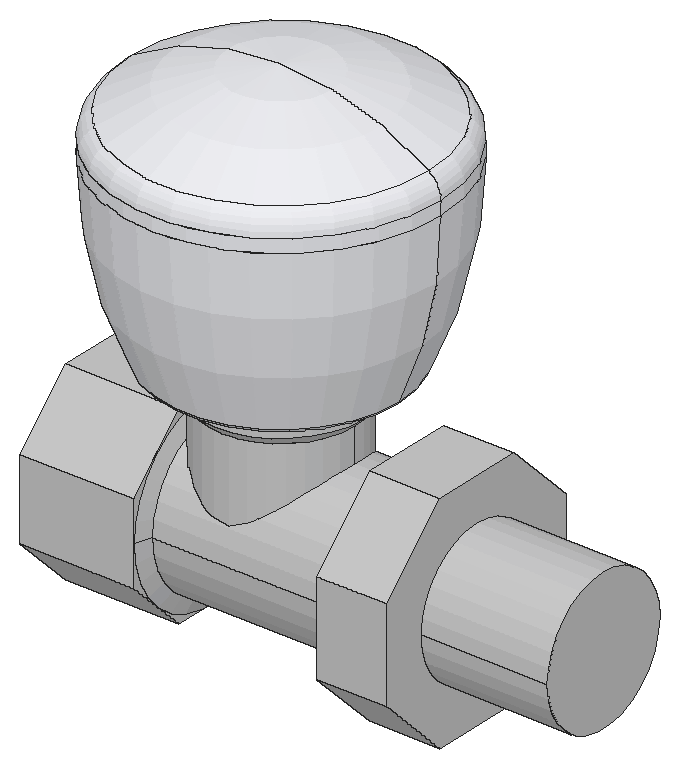
Revit family "PA_Арматура трубопроводов [клапан регулирующий прямой, VT.008.N]1 - VALTEC", category Арматура трубопроводов, Revit 2018
Family settings
  Размер круглого соединителя = Использовать диаметр
  Тип детали = Вставляется
  На основе рабочей плоскости = Нет
  Всегда вертикально = Да
  При загрузке вырезать с полостями = Нет
  Общий = Нет
Parameters (values of type "VT.008.N")
  Таблица 2 = "PA_Арматура трубопроводов [клапан регулирующий прямой, VT.008.N] - VALTEC - Таблица 2"  # constant formula
  Таблица 1 = "PA_Арматура трубопроводов [клапан регулирующий прямой, VT.008.N] - VALTEC - Таблица 1"  # constant formula
  Материал доп.1 = Пластик белый - VALTEC
  Изготовитель = "VALTEC"  # constant formula
  d7 [instance] = size_lookup(Таблица 1, "d7", 0 mm, d)  # 25 mm
  d6 [instance] = size_lookup(Таблица 1, "d6", 0 mm, d)  # 22 mm
  b3 [instance] = size_lookup(Таблица 1, "b3", 0 mm, d)  # 3.6 mm
  a6 [instance] = size_lookup(Таблица 1, "a6", 0 mm, d)  # 9.9 mm
  a5 [instance] = size_lookup(Таблица 1, "a5", 0 mm, d)  # 9.1 mm
  a4 [instance] = size_lookup(Таблица 1, "a4", 0 mm, d)  # 10.5 mm
  D [instance] = size_lookup(Таблица 1, "D", 0 mm, d)  # 14.4 mm
  C [instance] = size_lookup(Таблица 1, "C", 0 mm, d)  # 27.5 mm
  B [instance] = size_lookup(Таблица 1, "B", 0 mm, d)  # 60.1 mm
  b2 [instance] = size_lookup(Таблица 1, "b2", 0 mm, d)  # 1.5 mm
  d5 [instance] = size_lookup(Таблица 1, "d5", 0 mm, d)  # 21 mm
  d4 [instance] = size_lookup(Таблица 1, "d4", 0 mm, d)  # 33.5 mm
  d3 [instance] = size_lookup(Таблица 1, "d3", 0 mm, d)  # 26.4 mm
  d2 [instance] = size_lookup(Таблица 1, "d2", 0 mm, d)  # 24 mm
  d1 [instance] = size_lookup(Таблица 1, "d1", 0 mm, d)  # 28.9 mm
  d [instance] = 15 mm
  b1 [instance] = size_lookup(Таблица 1, "b1", 0 mm, d)  # 17 mm
  a3 [instance] = size_lookup(Таблица 1, "a3", 0 mm, d)  # 2.5 mm
  a2 [instance] = size_lookup(Таблица 1, "a2", 0 mm, d)  # 0.8 mm
  a1 [instance] = size_lookup(Таблица 1, "a1", 0 mm, d)  # 17 mm
  URL = "https://valtec.ru/"
  ADSK_Расход жидкости [instance] = 0.0 L/s
  ADSK_Примечание [instance] = ""
  ADSK_Потеря давления жидкости [instance] = 0.0 Pa
  ADSK_Позиция [instance] = ""
  ADSK_Обозначение [instance] = "VT.008.N"  # constant formula
  ADSK_Наименование [instance] = size_lookup(Таблица 1, "", "Данный типоразмер отсутствует", d)  # "Клапан регулирующий прямой, 1/2\""
  ADSK_Материал = Сталь, нержавеющая - VALTEC
  ADSK_Масса [instance] = if(d = 15 mm, 0.271, if(d = 20 mm, 0.458, 0))  # 0.271
  ADSK_Марка [instance] = size_lookup(Таблица 2, "", "Данный типоразмер отсутствует", d)  # "VT.008.N.04"
  ADSK_Код изделия [instance] = size_lookup(Таблица 2, "", "Данный типоразмер отсутствует", d)  # "VT.008.N.04"
  ADSK_Завод-изготовитель [instance] = Изготовитель  # "VALTEC"
  ADSK_Единица измерения [instance] = "шт."  # constant formula
  ADSK_URL страницы изделия = "https://valtec.ru/catalog/radiatornaya_armatura/ruchnye_klapany_dlya_radiatorov/klapan_reguliruyushij_pryamoj_vt008n.html"
  ADSK_URL документации изделия = "https://valtec.ru/document/technical/VT.007-008-011-0417.pdf"
  A [instance] = size_lookup(Таблица 1, "A", 0 mm, d)  # 48.3 mm
Reference planes
  plane 1 "По центру (Вперед/Назад)": y = 0
  plane 2: z = 0
  plane 3 "По центру (Влево/Вправо)": x = 0
  plane 4: z = -14.4
  plane 5: z = 60.1
  plane 6: x = 48.3
  plane 7: z = 17
  plane 8: z = 18.5
  plane 9: z = 22.1
  plane 10: x = -27.5
  plane 11: x = -10.5
  plane 12: x = -9.7
  plane 13: x = 29.3
  plane 14: x = 38.4
  plane 15: x = 18.8
  plane 16: x = 16.3
Forms (mm)
  Blend 1, solid, material "Сталь, нержавеющая - VALTEC" <- "ADSK_Материал", detail levels medium+fine
    base sketch origin (0, 0, 0) x (0, 1, 0) y (0, 0, 1)
      loop
        circle (0, 0) r 14.45
    top sketch origin (0, 0, 0) x (0, 1, 0) y (0, 0, 1)
      loop
        circle (0, 0) r 12
    from -10.5 to -9.7
  Extrusion 2, solid, material "Сталь, нержавеющая - VALTEC" <- "ADSK_Материал", detail levels medium+fine
    sketch origin (0, 0, 0) x (0, 1, 0) y (0, 0, 1)
      loop
        circle (0, 0) r 12
    from 16.3 to -9.7
  Blend 3, solid, material "Сталь, нержавеющая - VALTEC" <- "ADSK_Материал", detail levels medium+fine
    base sketch origin (0, 0, 0) x (0, 1, 0) y (0, 0, 1)
      loop
        circle (0, 0) r 12
    top sketch origin (0, 0, 0) x (0, 1, 0) y (0, 0, 1)
      loop
        circle (0, 0) r 13.2
    from 16.3 to 18.8
  Extrusion 4, solid, material "Сталь, нержавеющая - VALTEC" <- "ADSK_Материал", detail levels medium+fine
    sketch origin (0, 0, 0) x (0, 1, 0) y (0, 0, 1)
      loop
        circle (0, 0) r 10.5
    from 29.3 to 48.3
  Extrusion 5, solid, material "Сталь, нержавеющая - VALTEC" <- "ADSK_Материал", detail levels medium+fine
    sketch origin (0, 0, 0) x (1, 0, 0) y (0, 1, 0)
      loop
        circle (0, 0) r 11
    from 0 to 17
  Blend 6, solid, material "Сталь, нержавеющая - VALTEC" <- "ADSK_Материал", detail levels medium+fine
    base sketch origin (0, 0, 0) x (1, 0, 0) y (0, 1, 0)
      loop
        circle (0, 0) r 12.5
    top sketch origin (0, 0, 0) x (1, 0, 0) y (0, 1, 0)
      loop
        circle (0, 0) r 11
    from 18.5 to 17
  Extrusion 7, solid, material "Сталь, нержавеющая - VALTEC" <- "ADSK_Материал", detail levels medium+fine
    sketch origin (0, 0, 0) x (1, 0, 0) y (0, 1, 0)
      loop
        circle (0, 0) r 12.5
    from 18.5 to 22.1
Cuts and joins
  joined: Blend 1, Extrusion 2, Blend 3, Extrusion 4, Extrusion 5, Blend 6, Extrusion 7
Lines and regions (mm)
  reference lines
    curve 1: line (-27.5, 0, 0) -> (38.4, 0, 0)
  symbolic lines, detail levels coarse
    curve 2: line (-27.5, 0, 15) -> (-27.5, 0, -15)
    curve 3: line (38.4, 0, 15) -> (38.4, 0, -15)
    curve 4: line (38.4, 0, -15) -> (-27.5, 0, 15)
    curve 5: line (-27.5, 0, -15) -> (38.4, 0, 15)
    curve 6: line (5.45, 0, 0) -> (5.45, 0, 60.1)
    curve 7: line (5.45, 0, 0) -> (-4.55, 0, 17.321)
    curve 8: line (5.45, 0, 0) -> (15.45, 0, 17.321)
  model lines, detail levels coarse
    curve 9: line (-27.5, -15, 0) -> (-27.5, 15, 0)
    curve 10: line (38.4, -15, 0) -> (38.4, 15, 0)
    curve 11: line (38.4, -15, 0) -> (-27.5, 15, 0)
    curve 12: line (-27.5, -15, 0) -> (38.4, 15, 0)
    curve 13: line (5.45, 0, 0) -> (5.45, 60.1, 0)
    curve 14: line (5.45, 0, 0) -> (-4.55, 17.321, 0)
    curve 15: line (5.45, 0, 0) -> (15.45, 17.321, 0)
    curve 16: line (48.3, 0, 0) -> (38.4, 0, 0)
Dimensions and locks
  "D": plane 2 to plane 4
  "B": plane 5 to plane 2
  "A": plane 6 to plane 3 "По центру (Влево/Вправо)"
  "b1": plane 7 to plane 2
  "b2": plane 8 to plane 7
  "b3": plane 9 to plane 8
  "C": plane 3 "По центру (Влево/Вправо)" to plane 10
  "a1": plane 11 to plane 10
  "a2": plane 12 to plane 11
  "a3": plane 15 to plane 16
  "a4": plane 13 to plane 15
  "a5": plane 14 to plane 13
  "a6": plane 6 to plane 14
  curve 4 to level to curve 2 = 15 mm locked, 15 mm locked
  curve 5 to level to curve 4 = 15 mm locked, 15 mm locked
  curve 9 to plane 1 "По центру (Вперед/Назад)" to curve 9 = 15 mm locked, 15 mm locked
  curve 10 to plane 1 "По центру (Вперед/Назад)" to curve 10 = 15 mm locked, 15 mm locked
  "B": plane 1 "По центру (Вперед/Назад)" to curve 13
  "d1": diameter of Blend 1 sketch curve
  "d2": diameter of Blend 1 sketch curve
  "d2": diameter of Extrusion 2 sketch curve
  "d2": diameter of Blend 3 sketch curve
  "d3": diameter of Blend 3 sketch curve
  "d5": diameter of Extrusion 4 sketch curve
  "d6": diameter of Extrusion 5 sketch curve
  "d7": diameter of Blend 6 sketch curve
  "d6": diameter of Blend 6 sketch curve
  "d7": diameter of Extrusion 7 sketch curve
  locked: curve 6 to curve 7 (angle 30.00°)
  locked: curve 8 to curve 6 (angle 30.00°)
  locked: curve 13 to curve 14 (angle 30.00°)
  locked: curve 15 to curve 13 (angle 30.00°)
  aligned and locked: level to plane 2
  aligned and locked: level to Blend 1 sketch curve  (x2)
  aligned and locked: plane 1 "По центру (Вперед/Назад)" to Blend 1 sketch curve  (x2)
  aligned and locked: plane 1 "По центру (Вперед/Назад)" to nested 1
  aligned and locked: plane 1 "По центру (Вперед/Назад)" to nested 2
  aligned and locked: level to nested 1
  aligned and locked: level to nested 2
  aligned and locked: nested 1 to plane 10
  aligned and locked: nested 2 to plane 15
  aligned and locked: level to Extrusion 2 sketch curve
  aligned and locked: plane 1 "По центру (Вперед/Назад)" to Extrusion 2 sketch curve
  aligned and locked: Blend 1 to plane 11
  aligned and locked: Extrusion 2 to plane 12
  aligned and locked: plane 12 to Blend 1
  aligned and locked: plane 16 to Extrusion 2
  aligned and locked: level to Blend 3 sketch curve  (x2)
  aligned and locked: plane 1 "По центру (Вперед/Назад)" to Blend 3 sketch curve  (x2)
  aligned and locked: level to Extrusion 4 sketch curve
  aligned and locked: plane 1 "По центру (Вперед/Назад)" to Extrusion 4 sketch curve
  aligned and locked: Blend 3 to plane 16
  aligned and locked: plane 15 to Blend 3
  aligned and locked: Extrusion 4 to plane 13
  aligned and locked: Extrusion 4 to plane 6
  aligned and locked: plane 1 "По центру (Вперед/Назад)" to Extrusion 5 sketch curve
  aligned and locked: plane 3 "По центру (Влево/Вправо)" to Extrusion 5 sketch curve
  aligned and locked: plane 1 "По центру (Вперед/Назад)" to Blend 6 sketch curve  (x2)
  aligned and locked: plane 3 "По центру (Влево/Вправо)" to Blend 6 sketch curve  (x2)
  aligned and locked: plane 1 "По центру (Вперед/Назад)" to Extrusion 7 sketch curve
  aligned and locked: plane 3 "По центру (Влево/Вправо)" to Extrusion 7 sketch curve
  aligned and locked: Extrusion 5 to level
  aligned and locked: Blend 6 to plane 7
  aligned and locked: plane 8 to Blend 6
  aligned and locked: Extrusion 7 to plane 8
  aligned and locked: plane 9 to Extrusion 7
  aligned and locked: plane 7 to Extrusion 5
  aligned and locked: nested 3 to plane 1 "По центру (Вперед/Назад)"
  aligned and locked: plane 3 "По центру (Влево/Вправо)" to nested 3
  aligned and locked: plane 9 to nested 3
  aligned and locked: plane 10 to curve 1
  aligned and locked: plane 14 to curve 1
  aligned and locked: curve 1 to level
  aligned and locked: curve 2 to plane 10
  aligned and locked: curve 3 to plane 14
  aligned and locked: plane 5 to curve 6
  aligned and locked: plane 10 to curve 9
  aligned and locked: plane 14 to curve 10
  aligned and locked: plane 1 "По центру (Вперед/Назад)" to curve 13
  aligned and locked: plane 6 to curve 16
  aligned and locked: plane 14 to curve 16
  aligned and locked: curve 16 to plane 1 "По центру (Вперед/Назад)"
Automatic sketch dimensions
  curve 8 to level = 0 mm
  curve 7 to level = 0 mm
  plane 1 "По центру (Вперед/Назад)" to curve 14 = 0 mm
  plane 1 "По центру (Вперед/Назад)" to curve 15 = 0 mm
Nested families
  nested 1: "Гайка - горизонталь" at (-19, 0, 0) x (1, 0, 0) z (0, -0.3827, 0.9239), ADSK_Материал <- "ADSK_Материал", d <- "d1", l <- "a1", type "Гайка - горизонталь", detail levels medium+fine
    with l 17 mm, d 28.9 mm, ADSK_Материал Сталь, нержавеющая - VALTEC
  nested 2: "Гайка - горизонталь" at (24.05, 0, 0) x (1, 0, 0) z (0, -0.3827, 0.9239), ADSK_Материал <- "ADSK_Материал", d <- "d4", l <- "a4", type "Гайка - горизонталь", detail levels medium+fine
    with l 10.5 mm, d 33.5 mm, ADSK_Материал Сталь, нержавеющая - VALTEC
  nested 3: "MM_Обобщенные модели [колпачок, VT.007.N] - VALTEC" at (0, 0, 22.1), type "VT.TE3042.0", detail levels medium+fine
Connectors
  piping at (-27.5, 0, 0), diameter 15, driven by "d", driven by "ADSK_Расход жидкости", driven by "ADSK_Потеря давления жидкости"
    settings: on curve 1, index 1, connector inside diameter 609.6 mm, connector length 0 mm, flow factor 0, pipe flow 0.0 L/s, pressure drop 0.0 Pa, fitting loss kfactor 0, connector angle 0.00°, fixture units 0, engagement length 0 mm, angle of deflection 0.00°, flow configuration 0, flow direction 0, fitting loss method 4, system type 29, joint type 0, gender type 0, connector reference index 2, connector utility 0, adjustable connector no, is connector primary yes, connector description ""
  piping at (38.4, 0, 0), diameter 15, driven by "d", driven by "ADSK_Расход жидкости"
    settings: on curve 1, index 2, connector inside diameter 609.6 mm, connector length 0 mm, flow factor 0, pipe flow 0.0 L/s, pressure drop 0.0 Pa, fitting loss kfactor 0, connector angle 0.00°, fixture units 0, engagement length 0 mm, angle of deflection 0.00°, flow configuration 0, flow direction 0, fitting loss method 0, system type 29, joint type 0, gender type 0, connector reference index 1, connector utility 0, adjustable connector no, is connector primary no, connector description ""
Definition of nested family "Гайка - горизонталь"
  Parameters (values of type "Гайка - горизонталь")
    d [instance] = 588.881 mm
    l [instance] = 637.4 mm
    ADSK_Материал [instance] = none
  Reference planes
    plane 1 "По центру (Вперед/Назад)": y = 0
    plane 2: z = 0
    plane 3 "По центру (Влево/Вправо)": x = 0
    plane 4: y = 318.7
    plane 5: y = -318.7
    plane 6: through (0, -912.519, 2972.425) normal (0, -0.9239, -0.3827)
    plane 7: through (0, -1234.338, 2979.956) normal (0, -0.9239, -0.3827)
    plane 8: through (0, -1556.157, 2987.486) normal (0, -0.9239, -0.3827)
    plane 9: through (0, 1234.338, 2979.956) normal (0, -0.9239, 0.3827)
    plane 10: through (0, -2420.114, 1321.144) normal (0, -0.3827, -0.9239)
    plane 11: through (0, -2532.792, 1049.117) normal (0, -0.3827, -0.9239)
    plane 12: through (0, -2645.469, 777.089) normal (0, -0.3827, -0.9239)
    plane 13: through (0, 2420.114, 1321.144) normal (0, -0.3827, 0.9239)
    plane 14: through (0, 2532.792, 1049.117) normal (0, -0.3827, 0.9239)
    plane 15: through (0, 2645.469, 777.089) normal (0, -0.3827, 0.9239)
    plane 16: through (0, 912.519, 2972.425) normal (0, -0.9239, 0.3827)
    plane 17: through (0, 1234.338, 2979.956) normal (0, -0.9239, 0.3827)
    plane 18: through (0, 1556.157, 2987.486) normal (0, -0.9239, 0.3827)
    plane 19: x = 318.7
    plane 20: x = -318.7
  Forms (mm)
    Extrusion 1, solid, material <- "ADSK_Материал"
      sketch origin (0, 0, 0) x (0, 1, 0) y (0, 0, 1)
        loop
          line (0, 318.7) -> (-225.355, 225.355) -> (-318.7, 0) -> (-225.355, -225.355) -> (0, -318.7) -> (225.355, -225.355) -> (318.7, 0) -> (225.355, 225.355) -> (0, 318.7)
      from -318.7 to 318.7
  Lines and regions (mm)
    reference lines
      curve 1: line (0, -112.677, -272.027) -> (0, 112.677, 272.027)
      curve 2: line (0, -272.027, 112.677) -> (0, 272.027, -112.677)
  Dimensions and locks
    equal spacing: plane 4, plane 1 "По центру (Вперед/Назад)", plane 5
    locked: plane 4 to plane 5 at 637.4
    equal spacing: plane 8, plane 7, plane 6
    "d": plane 8 to plane 6
    equal spacing: plane 12, plane 11, plane 10
    "d": plane 12 to plane 10
    equal spacing: plane 15, plane 14, plane 13
    "d": plane 15 to plane 13
    equal spacing: plane 18, plane 17, plane 16
    "d": plane 18 to plane 16
    equal spacing: plane 20, plane 3 "По центру (Влево/Вправо)", plane 19
    "l": plane 20 to plane 19
    aligned and locked: level to plane 2
    aligned and locked: plane 10 to Extrusion 1 sketch curve
    aligned and locked: plane 13 to Extrusion 1 sketch curve
    aligned and locked: plane 16 to Extrusion 1 sketch curve
    aligned and locked: Extrusion 1 sketch curve to plane 8
    aligned and locked: Extrusion 1 sketch curve to plane 12
    aligned and locked: Extrusion 1 sketch curve to plane 15
    aligned and locked: Extrusion 1 sketch curve to plane 18
    aligned and locked: plane 6 to Extrusion 1 sketch curve
    aligned and locked: plane 19 to Extrusion 1
    aligned and locked: plane 20 to Extrusion 1
    aligned and locked: Extrusion 1 to plane 19
    aligned and locked: plane 16 to curve 2
    aligned and locked: plane 18 to curve 2
    aligned and locked: curve 2 to plane 11
    aligned and locked: plane 12 to curve 1
    aligned and locked: plane 10 to curve 1
    aligned and locked: curve 1 to plane 17
Definition of nested family "MM_Обобщенные модели [колпачок, VT.007.N] - VALTEC"
  Parameters (values of type "VT.TE3042.0")
    Manufacturer = ""
    URL = ""
    ADSK_Материал = none
  Reference planes
    plane 1 "По центру (Вперед/Назад)": y = 0
    plane 2: z = 0
    plane 3 "По центру (Влево/Вправо)": x = 0
    plane 4: z = 39.2
    plane 5: y = 5.5
    plane 6: y = -5.5
    plane 7: x = -24.5
    plane 8: z = 32.2
    plane 9: x = 18.75
    plane 10: x = 24.5
    plane 11: x = -18.75
  Forms (mm)
    Revolve 1, solid, material <- "ADSK_Материал"
      sketch origin (0, 0, 0) x (1, 0, 0) y (0, 0, 1)
        loop
          arc (-22.203, 33.044) -> (-23.529, 31.6) -> (-24.009, 29.699) r 4
          line (-24.009, 29.699) -> (-24.009, 27.7)
          arc (-24.009, 27.7) -> (-22.434, 13.78) -> (-17.786, 0.564) r 62.272
          arc (-17.786, 0.564) -> (-17.417, 0.153) -> (-16.886, 0) r 1
          line (-16.886, 0) -> (0, 0) -> (0, 39.675)
          arc (0, 39.675) -> (-11.586, 37.982) -> (-22.203, 33.044) r 40.487
        axis (0, 39.675) -> (0, 0)
      angle from 0 to 360
  Lines and regions (mm)
    reference lines
      curve 1: line (0, 0, 0) -> (0, 0, 25)
      curve 2: line (0, -12.5, 0) -> (0, 12.5, 0)
      curve 3: line (12.5, 0, 0) -> (-12.5, 0, 0)
  Dimensions and locks
    plane 6 to plane 1 "По центру (Вперед/Назад)" to plane 5 = 5.5 mm locked, 5.5 mm locked
    locked: plane 3 "По центру (Влево/Вправо)" to plane 7 at 24.5
    locked: plane 9 to plane 3 "По центру (Влево/Вправо)" at 18.75
    locked: plane 4 to plane 2 at 39.2
    locked: plane 4 to plane 8 at 7
    locked: plane 3 "По центру (Влево/Вправо)" to plane 10 at 24.5
    locked: plane 11 to plane 3 "По центру (Влево/Вправо)" at 18.75
    aligned and locked: level to plane 2
